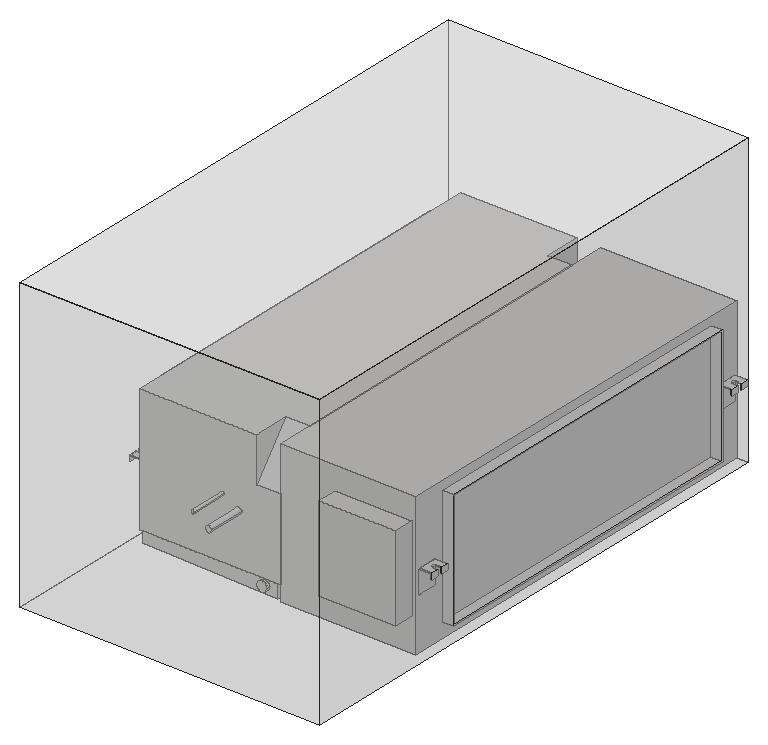
Revit family "outputfile", category 機械設備, Revit 2024
Family settings
  丸型コネクタ寸法 = 半径を使用
  パーツ タイプ = 標準
  OmniClass 番号 = 23.75.10.24.21.27.27
  OmniClass タイトル = Split System Air Conditioning Units
  作業面ベース = いいえ
  常に垂直 = はい
  ロード時にボイドで切り取り = いいえ
  注釈の向きを維持 = いいえ
  共有 = いいえ
  部屋計算ポイント = はい
Parameters (values of type "FDYQN200LCV1")
  Description = ""
  製造元 = "Daikin"
  書き出し IFC クラス(タイプ) = "IfcUnitaryEquipmentType"
  定義済み IFC タイプ(タイプ) = "AIRCONDITIONINGUNIT"
  Cost = 0
  モデル = "FDYQN200LCV1"
  Type Comments = ""
  Keynote = ""
  Type Image = (empty or 0)
  Assembly Code = ""
  switch_frequency = yes
  lw_suctionflange = 1118 mm
  r_Liquid Pipe Size = Liquid Pipe Size / 2  # 4.75 mm
  r_Gas Pipe Size = Gas Pipe Size / 2  # 9.55 mm
  r_Drain Pipe Size = Drain Pipe Size / 2  # 16.35 mm
  lw_power = 33.5 mm  # constant formula
  lw_dischargeflange = 58 mm  # constant formula
  lh_power = 285 mm  # constant formula
  lh_mountinghole1 = lh_mountinghole + [h***]  # 254 mm
  lh_dischargeflange = 110 mm  # constant formula
  ld_power = 230 mm  # constant formula
  ld_dischargeflange = 70 mm  # constant formula
  connector_voltage = Voltage_50Hz  # 230 V
  connector_powerinput = if([Power Input (Cooling)] > [Power Input (Heating)], [Power Input (Cooling)], [Power Input (Heating)])  # 6.850 kW
  connector_phase = Phase_50Hz  # 1
  Voltage_comment_50Hz = "220 - 240"
  Voltage_50Hz = 230 V
  URL = ""
  Supply Air Direction [instance] = yes
  Sound Power Level_H speed (dB) = 0
  Phase_50Hz = 1
  Minimum External Static Pressure = 0.00 Pa
  Minimum Circuit Amps_50Hz = 8.8 A
  Maximum Fuse Amps_50Hz = 15.0 A
  Maximum External Static Pressure = 150.00 Pa
  Material_Casing = DAIKIN_GalvanizedSteel_Casing_indoorunit
  ld_mountinghole = 972 mm  # constant formula
  lh_gaspipe = 248.5 mm  # constant formula
  lh_mountinghole = 254 mm  # constant formula
  lh_liquidpipe = 216 mm  # constant formula
  lh_drainpipe = 30 mm  # constant formula
  lh_antena = Height - lh_mountinghole + 1 mm  # 217 mm
  ld_drainpipe = 413.5 mm  # constant formula
  ld_liquidpipe = 275 mm  # constant formula
  ld_gaspipe = 327.5 mm  # constant formula
  lw_mountinghole = 1248 mm
  h*** = 0 mm  # constant formula
  lw_liquidpipe = 123.75 mm
  lw_gaspipe = 124.55 mm
  lw_drainpipe = 10 mm  # constant formula
  Width = 1400 mm
  Version = "ver.1.0"
  Unit Type = "DAS Duct Standard"
  Unit Mass Weight = 85.00 kg
  Unit Designation [instance] = ""
  Uniclass2015Version = "Products v1.30"
  Uniclass2015Title = "Split coil room air conditioning units"
  Uniclass2015Code = "Pr_70_65_03_86"
  Total Heating Capacity [instance] = 0.000 kW
  Total Cooling Capacity [instance] = 0.000 kW
  Sound Pressure Level_M speed (dBA) = 42.5
  Sound Pressure Level_L speed (dBA) = 39
  Sound Pressure Level_H speed (dBA) = 46
  Series = "SkyAir_Fan Coil Unit"
  Sensible Cooling Capacity [instance] = 0.000 kW
  SA Duct Size Width = 1118 mm
  SA Duct Size Height = 350 mm
  Refrigerant Type = "R410A"
  RA Duct Size Width = 1118 mm
  RA Duct Size Height = 392.5 mm
  Power Input (Heating) = 6.850 kW
  Power Input (Cooling) = 6.110 kW
  Option Accessory 3 [instance] = ""
  Option Accessory 2 [instance] = ""
  Option Accessory 1 [instance] = ""
  Nominal Heating Capacity = 22.400 kW
  Nominal Cooling Capacity = 20.000 kW
  Minimum Airflow = 0.00 m³/h
  Median Airflow = 0.00 m³/h
  Maximum Airflow = 5040.00 m³/h
  Load Classification = HVAC
  Liquid Pipe Size = 9.5 mm
  Link_Nested Family [instance] = ""
  IfcVersion = ""
  IfcExportType = "AIRCONDITIONINGUNIT"
  IfcExportAs = "IfcUnitaryEquipmentType"
  Height = 470 mm
  Heating Entering Wet Bulb Temperature [instance] = 0.00 °C
  Heating Entering Dry Bulb Temperature [instance] = 0.00 °C
  Heating Ambient Wet Bulb Temperature [instance] = 0.00 °C
  Heating Ambient Dry Bulb Temperature [instance] = 0.00 °C
  Heat Exchanger Type = "Cross Fin Coil"
  Gas Pipe Size = 19.1 mm
  Frequency_50Hz = 50 Hz
  Fan Type = "Sirocco Fan"
  Fan Drive = "Direct Drive"
  FCU Tag No. [instance] = ""
  Drain Pipe Size = 32.7 mm
  Design Supply Airflow [instance] = 0.00 m³/h
  Design Return Airflow [instance] = 0.00 m³/h
  Design External Static Pressure [instance] = 0.00 Pa
  Depth = 997 mm
  既定の高さ = 0 mm
  Cooling Entering Wet Bulb Temperature [instance] = 0.00 °C
  Cooling Entering Dry Bulb Temperature [instance] = 0.00 °C
  Cooling Ambient Wet Bulb Temperature [instance] = 0.00 °C
  Cooling Ambient Dry Bulb Temperature [instance] = 0.00 °C
  Clearance visibility [instance] = yes
  Clearance Top = 500 mm
  Clearance Right = 0 mm
  Clearance Rear = 0 mm
  Clearance Left = 0 mm
  Clearance Front = 450 mm
  Clearance Bottom = 0 mm
Reference planes
  plane 1 "Center (Front/Back)": y = 0
  plane 2 "h": z = 0
  plane 3 "Center (Left/Right)": x = 0
  plane 4 "Back": y = 666.5
  plane 5: y = -666.5
  plane 6 "Left": x = -498.5
  plane 7 "Reight": x = 498.5
  plane 8 "Top": z = 0
  plane 9 "Bottom": z = -470
  plane 10 "ld_mountinghole1": y = 624
  plane 11: y = 666.5
  plane 12: y = -1116.5
  plane 13: x = -498.5
  plane 14: x = 498.5
  plane 15: z = 500
  plane 16: z = -470
  plane 17: x = 7.75
  plane 18: z = -420
  plane 19 "ld_mountinghole2": y = -624
  plane 20: x = -486
  plane 21: x = 486
  plane 22: x = -459.25
  plane 23: x = 459.25
  plane 24 "Front": y = -733.5
  plane 25 "lh_mountinghole": z = -216
  plane 26: y = -529.5
  plane 27: z = -33
  plane 28: y = -559
  plane 29: z = -419
  plane 30: x = -184.25
  plane 31: x = -131.75
  plane 32: x = -45.75
  plane 33 "lh_liquidpipe": z = -216
  plane 34: z = -248.5
  plane 35: z = -440
  plane 36: y = -790.25
  plane 37: y = -791.05
  plane 38: y = -676.5
  plane 39: y = -700
  plane 40: x = 229.25
Forms (mm)
  Extrusion 1, solid, material "DAIKIN_GalvanizedSteel_Casing_indoorunit" <- "Material_Casing"
    sketch origin (12.25, -160, 0) x (1, 0, 0) y (0, 1, 0)
      loop
        line (-4.5, 826.5) -> (-4.5, -506.5) -> (447, -506.5) -> (447, 826.5) -> (-4.5, 826.5)
    from -470 to 0
  Extrusion 2, solid, material "DAIKIN_GalvanizedSteel_Casing_indoorunit" <- "Material_Casing"
    sketch origin (0, 0, 0) x (1, 0, 0) y (0, 1, 0)
      loop
        line (-459.25, 666.5) -> (-459.25, -666.5) -> (7.75, -666.5) -> (7.75, 666.5) -> (-459.25, 666.5)
    from -420 to 0
  Extrusion 3, void
    sketch origin (7.75, 1196.25, 1200) x (0, -1, 0) y (0, 0, 1)
      loop
        line (1862.75, -1200) -> (1742.75, -1200) -> (1862.75, -1350) -> (1862.75, -1200)
    from 0 to 80
  Extrusion 4, void
    sketch origin (7.75, -1196.25, 1200) x (0, 1, 0) y (0, 0, -1)
      loop
        line (1862.75, 1200) -> (1862.75, 1350) -> (1742.75, 1200) -> (1862.75, 1200)
    from 0 to 80
  Extrusion 5, solid, material "DAIKIN_GalvanizedSteel_Casing_indoorunit" <- "Material_Casing"
    sketch origin (0, -900, 0) x (1, 0, 0) y (0, 0, 1)
      loop
        line (190.25, -76) -> (190.25, -361) -> (444.25, -361) -> (444.25, -76) -> (190.25, -76)
    from -233.5 to -166.5
  Extrusion 6, solid, material "DAIKIN_GalvanizedSteel_Casing_indoorunit" <- "Material_Casing"
    sketch origin (0, 0, 0) x (1, 0, 0) y (0, 0, 1)
      loop
        line (-449.25, -420) -> (-449.25, -457) -> (-2.25, -467) -> (-2.25, -420) -> (-449.25, -420)
    from -666.5 to 666.5
  Extrusion 7, solid, material "DAIKIN_GalvanizedSteel_Casing_indoorunit" <- "Material_Casing"
    sketch origin (-1374.64, -666.5, 1200) x (-1, 0, 0) y (0, 0, 1)
      loop
        circle (-1190.39, -1416) r 4.75
    from 0 to -123.75
  Extrusion 8, solid, material "DAIKIN_GalvanizedSteel_Casing_indoorunit" <- "Material_Casing"
    sketch origin (-1374.64, -666.5, 1200) x (-1, 0, 0) y (0, 0, 1)
      loop
        circle (-1242.89, -1448.5) r 9.55
    from 0 to -124.55
  Extrusion 9, solid, material "DAIKIN_GalvanizedSteel_Casing_indoorunit" <- "Material_Casing"
    sketch origin (-1374.64, -666.5, 1200) x (-1, 0, 0) y (0, 0, 1)
      loop
        circle (-1328.89, -1640) r 16.35
    from 0 to -10
Cuts and joins
  Extrusion 3, Extrusion 4 cuts Extrusion 1
  Extrusion 3, Extrusion 4 cuts Extrusion 2
Dimensions and locks
  "Height": plane 8 "Top" to plane 9 "Bottom"
  equal spacing: plane 6 "Left", plane 3 "Center (Left/Right)", plane 7 "Reight"
  "Clearance Left": plane 13 to plane 6 "Left"
  "Clearance Right": plane 7 "Reight" to plane 14
  "Clearance Rear": plane 11 to plane 4 "Back"
  "Clearance Front": plane 5 to plane 12
  "Clearance Top": plane 15 to plane 8 "Top"
  "Clearance Bottom": plane 9 "Bottom" to plane 16
  equal spacing: plane 19 "ld_mountinghole2", plane 1 "Center (Front/Back)", plane 10 "ld_mountinghole1"
  "lw_mountinghole": plane 19 "ld_mountinghole2" to plane 10 "ld_mountinghole1"
  equal spacing: plane 20, plane 3 "Center (Left/Right)", plane 21
  "ld_mountinghole": plane 20 to plane 21
  "Depth": plane 6 "Left" to plane 7 "Reight"
  locked: plane 22 to plane 23 at 918.5
  equal spacing: plane 22, plane 3 "Center (Left/Right)", plane 23
  locked: plane 8 "Top" to plane 18 at 420
  "Width": plane 4 "Back" to plane 24 "Front"
  plane 4 "Back" to plane 5 = 1333 mm
  equal spacing: plane 4 "Back", plane 1 "Center (Front/Back)", plane 5
  "lh_mountinghole": plane 25 "lh_mountinghole" to plane 9 "Bottom"
  locked: plane 5 to plane 24 "Front" at 67
  locked: Extrusion 5 sketch curve to Extrusion 5 sketch curve at 254
  locked: Extrusion 5 sketch curve to Extrusion 5 sketch curve at 285
  locked: plane 8 "Top" to Extrusion 5 sketch curve at 76
  locked: plane 7 "Reight" to Extrusion 5 sketch curve at 54.25
  locked: plane 22 to plane 17 at 467
  locked: plane 26 to plane 5 at 137
  locked: plane 8 "Top" to plane 27 at 33
  locked: plane 28 to plane 5 at 107.5
  locked: plane 29 to plane 9 "Bottom" at 51
  "ld_liquidpipe": plane 22 to plane 30
  "ld_gaspipe": plane 22 to plane 31
  "ld_drainpipe": plane 22 to plane 32
  "lh_liquidpipe": plane 8 "Top" to plane 33 "lh_liquidpipe"
  "lh_gaspipe": plane 8 "Top" to plane 34
  "lh_drainpipe": plane 35 to plane 9 "Bottom"
  "lw_liquidpipe": plane 5 to plane 36
  "lw_gaspipe": plane 5 to plane 37
  "lw_drainpipe": plane 5 to plane 38
  "lw_power": plane 5 to plane 39
  "ld_power": plane 40 to plane 23
  "r_Liquid Pipe Size": radius of Extrusion 7 sketch curve
  "r_Gas Pipe Size": radius of Extrusion 8 sketch curve
  "r_Drain Pipe Size": radius of Extrusion 9 sketch curve
  aligned and locked: level to plane 2 "h"
  aligned and locked: plane 8 "Top" to Extrusion 1
  aligned and locked: Extrusion 1 to plane 9 "Bottom"
  aligned and locked: plane 10 "ld_mountinghole1" to nested 2
  aligned and locked: nested 4 to plane 12
  aligned and locked: plane 13 to nested 4
  aligned and locked: plane 14 to nested 4
  aligned and locked: nested 4 to plane 13
  aligned and locked: plane 11 to nested 4
  aligned and locked: plane 15 to nested 4
  aligned and locked: plane 16 to nested 4
  aligned and locked: Extrusion 1 to plane 17
  aligned and locked: Extrusion 2 sketch curve to plane 4 "Back"
  aligned and locked: Extrusion 2 sketch curve to plane 17
  aligned and locked: plane 5 to Extrusion 2 sketch curve
  aligned and locked: nested 1 to plane 19 "ld_mountinghole2"
  aligned and locked: plane 10 "ld_mountinghole1" to nested 7
  aligned and locked: plane 20 to nested 7
  aligned and locked: nested 6 to plane 19 "ld_mountinghole2"
  aligned and locked: plane 20 to nested 6
  aligned and locked: nested 5 to plane 21
  aligned and locked: nested 5 to plane 19 "ld_mountinghole2"
  aligned and locked: plane 10 "ld_mountinghole1" to nested 8
  aligned and locked: nested 8 to plane 21
  aligned and locked: plane 19 "ld_mountinghole2" to nested 9
  aligned and locked: nested 10 to plane 10 "ld_mountinghole1"
  aligned and locked: nested 3 to plane 3 "Center (Left/Right)"
  aligned and locked: plane 1 "Center (Front/Back)" to nested 3
  aligned and locked: level to plane 8 "Top"
  aligned and locked: Extrusion 2 to plane 22
  aligned and locked: plane 23 to Extrusion 1
  aligned and locked: plane 4 "Back" to Extrusion 1
  aligned and locked: Extrusion 1 to plane 5
  aligned and locked: Extrusion 2 to plane 18
  aligned and locked: plane 8 "Top" to Extrusion 2
  aligned and locked: nested 10 to plane 22
  aligned and locked: nested 9 to plane 22
  aligned and locked: plane 23 to nested 2
  aligned and locked: plane 23 to nested 1
  aligned and locked: plane 25 "lh_mountinghole" to nested 10
  aligned and locked: plane 25 "lh_mountinghole" to nested 9
  aligned and locked: plane 25 "lh_mountinghole" to nested 2
  aligned and locked: plane 25 "lh_mountinghole" to nested 1
  aligned and locked: plane 5 to Extrusion 5
  aligned and locked: Extrusion 5 to plane 24 "Front"
  aligned and locked: nested 11 to plane 22
  aligned and locked: plane 6 "Left" to nested 11
  aligned and locked: plane 26 to nested 11
  aligned and locked: plane 27 to nested 11
  aligned and locked: plane 23 to nested 12
  aligned and locked: nested 12 to plane 7 "Reight"
  aligned and locked: plane 28 to nested 12
  aligned and locked: nested 12 to plane 29
  aligned and locked: plane 4 "Back" to Extrusion 6
  aligned and locked: Extrusion 6 to plane 5
  aligned and locked: plane 33 "lh_liquidpipe" to Extrusion 7 sketch curve
  aligned and locked: plane 30 to Extrusion 7 sketch curve
  aligned and locked: plane 5 to Extrusion 7
  aligned and locked: Extrusion 7 to plane 36
  aligned and locked: plane 34 to Extrusion 8 sketch curve
  aligned and locked: plane 31 to Extrusion 8 sketch curve
  aligned and locked: Extrusion 8 to plane 37
  aligned and locked: plane 35 to Extrusion 9 sketch curve
  aligned and locked: plane 32 to Extrusion 9 sketch curve
  aligned and locked: plane 5 to Extrusion 8
  aligned and locked: plane 5 to Extrusion 9
  aligned and locked: Extrusion 9 to plane 38
  aligned and locked: plane 30 to nested 13
  aligned and locked: nested 13 to plane 36
  aligned and locked: nested 13 to plane 33 "lh_liquidpipe"
  aligned and locked: plane 31 to nested 14
  aligned and locked: nested 14 to plane 37
  aligned and locked: nested 14 to plane 34
  aligned and locked: plane 32 to nested 15
  aligned and locked: nested 15 to plane 38
  aligned and locked: nested 15 to plane 35
  aligned and locked: Extrusion 5 to nested 16
  aligned and locked: plane 40 to nested 16
  aligned and locked: nested 16 to plane 39
  aligned and locked: Extrusion 6 sketch curve to plane 18
Automatic sketch dimensions
  Extrusion 1 sketch curve to plane 5 = 0 mm
  Extrusion 1 sketch curve to plane 17 = 0 mm
  Extrusion 1 sketch curve to plane 23 = 0 mm
  Extrusion 1 sketch curve to plane 4 "Back" = 0 mm
  Extrusion 2 sketch curve to plane 22 = 0 mm
  Extrusion 3 sketch curve to level = 0 mm
  Extrusion 3 sketch curve to plane 5 = 0 mm
  plane 19 "ld_mountinghole2" to Extrusion 3 sketch curve = 77.5 mm
  plane 25 "lh_mountinghole" to Extrusion 3 sketch curve = 66 mm
  Extrusion 4 sketch curve to level = 0 mm
  Extrusion 4 sketch curve to plane 4 "Back" = 0 mm
  plane 10 "ld_mountinghole1" to Extrusion 4 sketch curve = 77.5 mm
  plane 25 "lh_mountinghole" to Extrusion 4 sketch curve = 66 mm
  plane 22 to Extrusion 6 sketch curve = 10 mm
  Extrusion 6 sketch curve to plane 3 "Center (Left/Right)" = 2.25 mm
  plane 9 "Bottom" to Extrusion 6 sketch curve = 3 mm
  plane 9 "Bottom" to Extrusion 6 sketch curve = 13 mm
Nested families
  nested 1: "daikin_hangerfixture_FDYQN-LCV1" at (459.25, -624, -216), type "daikin_hangerfixture_FDYQN-LCV1"
  nested 2: "daikin_hangerfixture_FDYQN-LCV1" at (459.25, 624, -216), type "daikin_hangerfixture_FDYQN-LCV1"
  nested 3: "daikin_△_symbolicline" at (0, 0, 470) x (0, -1, 0) z (0, 0, 1), built-in parameter 1001364 <- "Height", visible <- "Supply Air Direction", type "daikin_△_symbolicline"
    with length 300 mm
  nested 4: "daikin_clearancespace" at (0, -225, 15.119), visible <- "Clearance visibility", show <- "Clearance visibility", Link_Nested Family <- "Link_Nested Family", type "daikin_clearancespace"
    with width 997 mm, show yes, height 970 mm, depth 1783 mm, Link_Nested Family ""
  nested 5: "daikin_mountinghole" at (486, -624, -470), l_antenna <- "lh_antena", Link_Nested Family <- "Link_Nested Family", h_mountinghole <- "lh_mountinghole1", type "daikin_mountinghole"
    with show yes, l_antenna 217 mm, h_mountinghole 254 mm, Link_Nested Family ""
  nested 6: "daikin_mountinghole" at (-486, -624, -470), l_antenna <- "lh_antena", Link_Nested Family <- "Link_Nested Family", h_mountinghole <- "lh_mountinghole1", type "daikin_mountinghole"
    with show yes, l_antenna 217 mm, h_mountinghole 254 mm, Link_Nested Family ""
  nested 7: "daikin_mountinghole" at (-486, 624, -470), h_mountinghole <- "lh_mountinghole1", l_antenna <- "lh_antena", Link_Nested Family <- "Link_Nested Family", type "daikin_mountinghole"
    with show yes, l_antenna 217 mm, h_mountinghole 254 mm, Link_Nested Family ""
  nested 8: "daikin_mountinghole" at (486, 624, -470), l_antenna <- "lh_antena", Link_Nested Family <- "Link_Nested Family", h_mountinghole <- "lh_mountinghole1", type "daikin_mountinghole"
    with show yes, l_antenna 217 mm, h_mountinghole 254 mm, Link_Nested Family ""
  nested 9: "daikin_hangerfixture_FDYQN-LCV1_2" at (-459.25, -624, -216) x (-1, 0, 0) z (0, 0, 1), type "daikin_hangerfixture_FDYQN-LCV1_2"
  nested 10: "daikin_hangerfixture_FDYQN-LCV1_2" at (-459.25, 624, -216) x (-1, 0, 0) z (0, 0, 1), type "daikin_hangerfixture_FDYQN-LCV1_2"
  nested 11: "daikin_ductflange_FDYQN-LCV1" at (-498.5, 29.5, -383) x (0, 1, 0) z (0, 0, 1), width <- "lw_suctionflange", material <- "Material_Casing", type "daikin_ductflange_FDYQN-LCV1"
    with width 1118 mm, material DAIKIN_GalvanizedSteel_Casing_indoorunit, height 350 mm, depth 39.25 mm
  nested 12: "daikin_ductflange_FDYQN-LCV1" at (459.25, 0, -419) x (0, 1, 0) z (0, 0, 1), width <- "lw_suctionflange", material <- "Material_Casing", type "daikin_ductflange_FDYQN-LCV1"
    with width 1118 mm, material DAIKIN_GalvanizedSteel_Casing_indoorunit, height 392.5 mm, depth 39.25 mm
  nested 13: "daikin_connector_rotate2" at (-184.25, -666.5, -216), length <- "lw_liquidpipe", radius <- "r_Liquid Pipe Size", type "daikin_connector_rotate2"
    with radius 4.75 mm, length 123.75 mm, angle_vertical 90.00°, show_face no
  nested 14: "daikin_connector_rotate2" at (-131.75, -666.5, -248.5), length <- "lw_gaspipe", radius <- "r_Gas Pipe Size", type "daikin_connector_rotate2"
    with radius 9.55 mm, length 124.55 mm, angle_vertical 90.00°, show_face no
  nested 15: "daikin_connector_rotate2" at (-45.75, -666.5, -440), length <- "lw_drainpipe", radius <- "r_Drain Pipe Size", type "daikin_connector_rotate2"
    with radius 16.35 mm, length 10 mm, angle_vertical 90.00°, show_face no
  nested 16: "daikin_connector_rotate2" at (229.25, -700, -76) x (1, 0, 0) z (0, -1, 0), length <- "lh_power", type "daikin_connector_rotate2"
    with radius 10 mm, length 285 mm, angle_vertical 90.00°, show_face no
Connectors
  hvac at (-498.5, 29.5, -208), driven by "SA Duct Size Height", driven by "SA Duct Size Width"
    settings: on nested 11, index 1, duct flow 0.00 m³/h, flow factor 0, pres drop 0.00 Pa, loss coef 0, conn angle 0.00°, conn width 1118.0 mm, conn height 350.0 mm, conn diameter 609.6 mm, duct sys type 1, conn prof type 1, flow config 0, flow direction 2, loss method 4, conn ref index -1, conn util no, is conn primary yes, conn desc "SA Duct"
  hvac at (498.5, 0, -222.75), driven by "RA Duct Size Height", driven by "RA Duct Size Width"
    settings: on nested 12, index 2, duct flow 0.00 m³/h, flow factor 0, pres drop 0.00 Pa, loss coef 0, conn angle 0.00°, conn width 1118.0 mm, conn height 392.5 mm, conn diameter 609.6 mm, duct sys type 2, conn prof type 1, flow config 0, flow direction 1, loss method 4, conn ref index -1, conn util no, is conn primary no, conn desc "RA Duct"
  piping at (-184.25, -790.25, -216), diameter 9.5, driven by "r_Liquid Pipe Size"
    settings: on nested 13, index 3, connector inside diameter 609.6 mm, connector length 0 mm, flow factor 0, pipe flow 0.00 m³/h, pressure drop 0.0 Pa, fitting loss kfactor 0, connector angle 0.00°, fixture units 0, engagement length 0 mm, angle of deflection 0.00°, flow configuration 1, flow direction 1, fitting loss method 0, system type 29, joint type 0, gender type 0, connector reference index -1, connector utility 0, adjustable connector no, is connector primary yes, connector description "Refrigerant Liquid Piping"
  piping at (-131.75, -791.05, -248.5), diameter 19.1, driven by "r_Gas Pipe Size"
    settings: on nested 14, index 4, connector inside diameter 609.6 mm, connector length 0 mm, flow factor 0, pipe flow 0.00 m³/h, pressure drop 0.0 Pa, fitting loss kfactor 0, connector angle 0.00°, fixture units 0, engagement length 0 mm, angle of deflection 0.00°, flow configuration 1, flow direction 2, fitting loss method 0, system type 29, joint type 0, gender type 0, connector reference index -1, connector utility 0, adjustable connector no, is connector primary no, connector description "Refrigerant Gas Piping"
  piping at (-45.75, -676.5, -440), diameter 32.7, driven by "r_Drain Pipe Size"
    settings: on nested 15, index 5, connector inside diameter 609.6 mm, connector length 0 mm, flow factor 0, pipe flow 0.00 m³/h, pressure drop 0.0 Pa, fitting loss kfactor 0, connector angle 0.00°, fixture units 0, engagement length 0 mm, angle of deflection 0.00°, flow configuration 1, flow direction 2, fitting loss method 4, system type 16, joint type 0, gender type 0, connector reference index -1, connector utility 0, adjustable connector no, is connector primary no, connector description "Condensate Drain Piping"
  electrical at (229.25, -700, -361), driven by "Load Classification", driven by "connector_voltage", driven by "connector_phase", driven by "connector_powerinput"
    settings: on nested 16, index 6, voltage 230 V, apparent load 6850 VA, apparent load phase1 0 VA, apparent load phase2 0 VA, apparent load phase3 0 VA, power factor 1, load classification "HVAC", number of poles 1, system type 30, power factor state 1, is connector primary yes, connector utility no, sub classification motor no, connector description "Power Supply"
Definition of nested family "daikin_hangerfixture_FDYQN-LCV1"
  Parameters (values of type "daikin_hangerfixture_FXDSQ-AVM")
    width = 44 mm
    material = none
    height = 80 mm
    depth = 65 mm
    Default Elevation = 0 mm
  Reference planes
    plane 1 "Center (Front/Back)": y = 0
    plane 2: z = 0
    plane 3 "Center (Left/Right)": x = 0
    plane 4: y = 417.146
    plane 5: z = -2
    plane 6: z = -65
    plane 7: z = -12
    plane 8: x = 44
    plane 9: y = 32.5
    plane 10: y = -32.5
    plane 11: y = -36
    plane 12: y = 36
    plane 13: z = -80
    plane 14: x = 1.5
    plane 15: x = 14
    plane 16: x = 26
    plane 17: x = 42
  Forms (mm)
    Extrusion 1, solid, material <- "material"
      sketch origin (0, 0, 0) x (1, 0, 0) y (0, 1, 0)
        loop
          line (0, 32.5) -> (0, -32.5) -> (44, -32.5) -> (44, -7.5) -> (26.75, -7.5)
          arc (26.75, -7.5) -> (19.25, 0) -> (26.75, 7.5) r 7.5
          line (26.75, 7.5) -> (44, 7.5) -> (44, 32.5) -> (0, 32.5)
      from -2 to 0
    Extrusion 2, solid, material <- "material"
      sketch origin (0, 0, 0) x (0, 1, 0) y (0, 0, 1)
        loop
          line (32.5, -75.411) -> (32.5, 0) -> (-32.5, 0) -> (-32.5, -75.411)
          arc (-32.5, -75.411) -> (-31.156, -78.656) -> (-27.911, -80) r 4.589
          line (-27.911, -80) -> (27.911, -80)
          arc (27.911, -80) -> (31.156, -78.656) -> (32.5, -75.411) r 4.589
      from 0 to 1.5
    Extrusion 3, solid, material <- "material"
      sketch origin (0, 0, 0) x (0, 1, 0) y (0, 0, 1)
        loop
          line (-7.5, -17.007) -> (-7.5, 0) -> (-32.5, 0) -> (-32.5, -17.007)
          arc (-32.5, -17.007) -> (-31.623, -19.123) -> (-29.507, -20) r 2.993
          line (-29.507, -20) -> (-10.493, -20)
          arc (-10.493, -20) -> (-8.377, -19.123) -> (-7.5, -17.007) r 2.993
        loop
          arc (7.5, -17.007) -> (8.377, -19.123) -> (10.493, -20) r 2.993
          line (10.493, -20) -> (29.507, -20)
          arc (29.507, -20) -> (31.623, -19.123) -> (32.5, -17.007) r 2.993
          line (32.5, -17.007) -> (32.5, 0) -> (7.5, 0) -> (7.5, -17.007)
      from 44 to 42
  Cuts and joins
    joined: Extrusion 1, Extrusion 2, Extrusion 3
  Dimensions and locks
    "width": plane 3 "Center (Left/Right)" to plane 8
    "depth": plane 10 to plane 9
    equal spacing: plane 10, plane 1 "Center (Front/Back)", plane 9
    locked: plane 11 to plane 10 at 3.5
    locked: plane 9 to plane 12 at 3.5
    "height": level to plane 13
    locked: plane 14 to plane 3 "Center (Left/Right)" at 1.5
    plane 3 "Center (Left/Right)" to plane 15 = 14 mm
    locked: plane 15 to plane 16 at 12
    plane 3 "Center (Left/Right)" to Extrusion 1 = 44 mm
    locked: plane 2 to plane 5 at 2
    locked: plane 8 to plane 17 at 2
    aligned and locked: level to plane 2
    aligned and locked: level to Extrusion 1
    aligned and locked: Extrusion 1 to plane 5
    aligned and locked: Extrusion 1 sketch curve to plane 3 "Center (Left/Right)"
    aligned and locked: Extrusion 1 sketch curve to plane 8  (x2)
    aligned and locked: level to Extrusion 2 sketch curve
    aligned and locked: plane 14 to Extrusion 2
    aligned and locked: Extrusion 3 sketch curve to level
    aligned and locked: level to Extrusion 3 sketch curve
    aligned and locked: plane 9 to Extrusion 1 sketch curve
    aligned and locked: Extrusion 1 sketch curve to plane 10
    aligned and locked: plane 13 to Extrusion 2 sketch curve
    aligned and locked: plane 8 to cut or joined group of Extrusion 1, Extrusion 2, Extrusion 3
    aligned and locked: cut or joined group of Extrusion 1, Extrusion 2, Extrusion 3 to plane 17
  Automatic sketch dimensions
    plane 9 to Extrusion 2 sketch curve = 4.589 mm
    Extrusion 2 sketch curve to plane 10 = 4.589 mm
    Extrusion 2 sketch curve to Extrusion 2 sketch curve = 4.589 mm
    Extrusion 2 sketch curve to plane 9 = 0 mm
    plane 10 to Extrusion 3 sketch curve = 0 mm
    Extrusion 3 sketch curve to plane 7 = 8 mm  (x2)
    Extrusion 3 sketch curve to plane 10 = 2.993 mm
    Extrusion 3 sketch curve to plane 7 = 5.007 mm  (x2)
    plane 1 "Center (Front/Back)" to Extrusion 3 sketch curve = 10.493 mm
    Extrusion 3 sketch curve to plane 1 "Center (Front/Back)" = 7.5 mm
    plane 9 to Extrusion 3 sketch curve = 2.993 mm
    Extrusion 3 sketch curve to plane 9 = 0 mm
    plane 1 "Center (Front/Back)" to Extrusion 1 sketch curve = 0 mm
    plane 16 to Extrusion 1 sketch curve = 0.75 mm
    Extrusion 1 sketch curve to plane 1 "Center (Front/Back)" = 7.5 mm
Definition of nested family "daikin_clearancespace"
  Parameters (values of type "daikin_clearancespace")
    Description = "daikin_clearancespace"
    width [instance] = 1823.963 mm
    show [instance] = yes
    material = none
    height [instance] = 1359.762 mm
    depth [instance] = 880 mm
    Default Elevation = 0 mm
    Link_Nested Family [instance] = ""
  Reference planes
    plane 1 "Center (Front/Back)": y = 0
    plane 2 "Center (Elevation)": z = -0.119
    plane 3 "Center (Left/Right)": x = 0
    plane 4: y = 440
    plane 5: y = -440
    plane 6 "Right": x = 911.982
    plane 7 "Left": x = -911.982
    plane 8 "Top": z = 679.762
    plane 9 "Bottom": z = -680
  Forms (mm)
    Extrusion 1, solid, material <- "material", visible <- "show"
      sketch origin (0, 0, 0) x (1, 0, 0) y (0, 1, 0)
        loop
          line (-911.982, 440) -> (-911.982, -440) -> (911.982, -440) -> (911.982, 440) -> (-911.982, 440)
      from -680 to 679.762
  Lines and regions (mm)
    symbolic lines, visible <- "show"
      curve 1: line (911.982, 440, 0) -> (-911.982, 440, 0)
      curve 2: line (-911.982, 440, 0) -> (-911.982, -440, 0)
      curve 3: line (-911.982, -440, 0) -> (911.982, -440, 0)
      curve 4: line (911.982, -440, 0) -> (911.982, 440, 0)
      curve 5: line (911.982, 0, 679.762) -> (-911.982, 0, 679.762)
      curve 6: line (911.982, 0, -680) -> (911.982, 0, 679.762)
      curve 7: line (-911.982, 0, -680) -> (911.982, 0, -680)
      curve 8: line (-911.982, 0, 679.762) -> (-911.982, 0, -680)
      curve 9: line (0, 440, 679.762) -> (0, -440, 679.762)
      curve 10: line (0, -440, 679.762) -> (0, -440, -680)
      curve 11: line (0, 440, -680) -> (0, 440, 679.762)
      curve 12: line (0, -440, -680) -> (0, 440, -680)
  Dimensions and locks
    "width": plane 7 "Left" to plane 6 "Right"
    "depth": plane 4 to plane 5
    "height": plane 8 "Top" to plane 9 "Bottom"
    equal spacing: plane 7 "Left", plane 3 "Center (Left/Right)", plane 6 "Right"
    equal spacing: plane 4, plane 1 "Center (Front/Back)", plane 5
    equal spacing: plane 8 "Top", plane 2 "Center (Elevation)", plane 9 "Bottom"
    aligned and locked: level to plane 2 "Center (Elevation)"
    aligned and locked: Extrusion 1 sketch curve to plane 4
    aligned and locked: plane 7 "Left" to Extrusion 1 sketch curve
    aligned and locked: Extrusion 1 sketch curve to plane 5
    aligned and locked: Extrusion 1 sketch curve to plane 6 "Right"
    aligned and locked: plane 8 "Top" to Extrusion 1
    aligned and locked: curve 1 to Extrusion 1
    aligned and locked: curve 2 to Extrusion 1
    aligned and locked: curve 3 to Extrusion 1
    aligned and locked: curve 4 to Extrusion 1
    aligned and locked: curve 5 to Extrusion 1
    aligned and locked: curve 6 to Extrusion 1
    aligned and locked: curve 7 to Extrusion 1
    aligned and locked: curve 8 to Extrusion 1
    aligned and locked: curve 9 to Extrusion 1
    aligned and locked: curve 10 to Extrusion 1
    aligned and locked: curve 11 to Extrusion 1
    aligned and locked: curve 12 to Extrusion 1
    aligned and locked: Extrusion 1 to plane 9 "Bottom"
Definition of nested family "daikin_hangerfixture_FDYQN-LCV1_2"
  Parameters (values of type "daikin_hangerfixture_FXMQ-PV1A2")
    width = 44 mm
    material = none
    height = 204 mm
    depth = 65 mm
    Default Elevation = 0 mm
  Reference planes
    plane 1 "Center (Front/Back)": y = 0
    plane 2: z = 0
    plane 3 "Center (Left/Right)": x = 0
    plane 4: y = 417.146
    plane 5: z = -2
    plane 6: z = -65
    plane 7: z = -12
    plane 8: x = 44
    plane 9: y = 32.5
    plane 10: y = -32.5
    plane 11: y = -36
    plane 12: y = 36
    plane 13: z = -204
    plane 14: x = 1.5
    plane 15: x = 14
    plane 16: x = 26
    plane 17: x = 42
  Forms (mm)
    Extrusion 1, solid, material <- "material"
      sketch origin (0, 0, 0) x (1, 0, 0) y (0, 1, 0)
        loop
          line (0, 32.5) -> (0, -32.5) -> (44, -32.5) -> (44, -7.5) -> (26.75, -7.5)
          arc (26.75, -7.5) -> (19.25, 0) -> (26.75, 7.5) r 7.5
          line (26.75, 7.5) -> (44, 7.5) -> (44, 32.5) -> (0, 32.5)
      from -2 to 0
    Extrusion 2, solid, material <- "material"
      sketch origin (0, 0, 0) x (0, 1, 0) y (0, 0, 1)
        loop
          line (32.5, -199.411) -> (32.5, 0) -> (-32.5, 0) -> (-32.5, -199.411)
          arc (-32.5, -199.411) -> (-31.156, -202.656) -> (-27.911, -204) r 4.589
          line (-27.911, -204) -> (27.911, -204)
          arc (27.911, -204) -> (31.156, -202.656) -> (32.5, -199.411) r 4.589
      from 0 to 1.5
    Extrusion 3, solid, material <- "material"
      sketch origin (0, 0, 0) x (0, 1, 0) y (0, 0, 1)
        loop
          line (-7.5, -17.007) -> (-7.5, 0) -> (-32.5, 0) -> (-32.5, -17.007)
          arc (-32.5, -17.007) -> (-31.623, -19.123) -> (-29.507, -20) r 2.993
          line (-29.507, -20) -> (-10.493, -20)
          arc (-10.493, -20) -> (-8.377, -19.123) -> (-7.5, -17.007) r 2.993
        loop
          arc (7.5, -17.007) -> (8.377, -19.123) -> (10.493, -20) r 2.993
          line (10.493, -20) -> (29.507, -20)
          arc (29.507, -20) -> (31.623, -19.123) -> (32.5, -17.007) r 2.993
          line (32.5, -17.007) -> (32.5, 0) -> (7.5, 0) -> (7.5, -17.007)
      from 44 to 42
  Cuts and joins
    joined: Extrusion 1, Extrusion 2, Extrusion 3
  Dimensions and locks
    "width": plane 3 "Center (Left/Right)" to plane 8
    "depth": plane 10 to plane 9
    equal spacing: plane 10, plane 1 "Center (Front/Back)", plane 9
    locked: plane 11 to plane 10 at 3.5
    locked: plane 9 to plane 12 at 3.5
    "height": level to plane 13
    locked: plane 14 to plane 3 "Center (Left/Right)" at 1.5
    plane 3 "Center (Left/Right)" to plane 15 = 14 mm
    locked: plane 15 to plane 16 at 12
    locked: plane 2 to plane 5 at 2
    locked: plane 8 to plane 17 at 2
    aligned and locked: level to plane 2
    aligned and locked: level to Extrusion 1
    aligned and locked: Extrusion 1 to plane 5
    aligned and locked: Extrusion 1 sketch curve to plane 3 "Center (Left/Right)"
    aligned and locked: Extrusion 1 sketch curve to plane 8  (x2)
    aligned and locked: level to Extrusion 2 sketch curve
    aligned and locked: plane 14 to Extrusion 2
    aligned and locked: Extrusion 3 sketch curve to level
    aligned and locked: level to Extrusion 3 sketch curve
    aligned and locked: plane 9 to Extrusion 1 sketch curve
    aligned and locked: Extrusion 1 sketch curve to plane 10
    aligned and locked: plane 13 to Extrusion 2 sketch curve
    aligned and locked: plane 8 to cut or joined group of Extrusion 1, Extrusion 2, Extrusion 3
    aligned and locked: cut or joined group of Extrusion 1, Extrusion 2, Extrusion 3 to plane 17
  Automatic sketch dimensions
    plane 9 to Extrusion 2 sketch curve = 4.589 mm
    Extrusion 2 sketch curve to plane 10 = 4.589 mm
    Extrusion 2 sketch curve to Extrusion 2 sketch curve = 4.589 mm
    Extrusion 2 sketch curve to plane 9 = 0 mm
    plane 10 to Extrusion 3 sketch curve = 0 mm
    Extrusion 3 sketch curve to plane 7 = 8 mm  (x2)
    Extrusion 3 sketch curve to plane 10 = 2.993 mm
    Extrusion 3 sketch curve to plane 7 = 5.007 mm  (x2)
    plane 1 "Center (Front/Back)" to Extrusion 3 sketch curve = 10.493 mm
    Extrusion 3 sketch curve to plane 1 "Center (Front/Back)" = 7.5 mm
    plane 9 to Extrusion 3 sketch curve = 2.993 mm
    Extrusion 3 sketch curve to plane 9 = 0 mm
    plane 1 "Center (Front/Back)" to Extrusion 1 sketch curve = 0 mm
    plane 16 to Extrusion 1 sketch curve = 0.75 mm
    Extrusion 1 sketch curve to plane 1 "Center (Front/Back)" = 7.5 mm
Definition of nested family "daikin_ductflange_FDYQN-LCV1"
  Parameters (values of type "daikin_ductflange_FDYQN-LCV1")
    width [instance] = 918 mm
    material [instance] = none
    height [instance] = 350 mm
    depth [instance] = 39.25 mm
    Default Elevation = 0 mm
  Reference planes
    plane 1 "Center (Front/Back)": y = 0
    plane 2: z = 0
    plane 3 "Center (Left/Right)": x = 0
    plane 4: y = -39.25
    plane 5: x = -459
    plane 6: x = 459
    plane 7 "Top": z = 350
    plane 8 "Center (Elevation)": z = 175
  Forms (mm)
    Extrusion 1, solid, material <- "material"
      sketch origin (0, 0, 0) x (1, 0, 0) y (0, 0, 1)
        loop
          line (-459, 350) -> (-459, 0) -> (459, 0) -> (459, 350) -> (-459, 350)
        loop
          line (-457, 348) -> (-457, 2) -> (457, 2) -> (457, 348) -> (-457, 348)
      from 0 to 39.25
  Dimensions and locks
    "height": plane 7 "Top" to plane 2
    "width": plane 5 to plane 6
    equal spacing: plane 5, plane 3 "Center (Left/Right)", plane 6
    "depth": plane 1 "Center (Front/Back)" to plane 4
    equal spacing: plane 7 "Top", plane 8 "Center (Elevation)", plane 2
    locked: plane 7 "Top" to Extrusion 1 sketch curve at 2
    locked: Extrusion 1 sketch curve to level at 2
    locked: Extrusion 1 sketch curve to plane 5 at 2
    locked: plane 6 to Extrusion 1 sketch curve at 2
    aligned and locked: level to plane 2
    aligned and locked: Extrusion 1 sketch curve to plane 7 "Top"
    aligned and locked: plane 5 to Extrusion 1 sketch curve
    aligned and locked: Extrusion 1 sketch curve to plane 6
    aligned and locked: plane 2 to Extrusion 1 sketch curve
    aligned and locked: Extrusion 1 to plane 4
Definition of nested family "daikin_△_symbolicline"
  Parameters (values of type "daikin_△_symbolicline")
    length [instance] = 200 mm
    Default Elevation = 0 mm
  Reference planes
    plane 1 "Center (Front/Back)": y = 0
    plane 2: z = 0
    plane 3 "Center (Left/Right)": x = 0
  Lines and regions (mm)
    symbolic lines
      curve 1: line (0, -173.205, 0) -> (100, 0, 0)
      curve 2: line (100, 0, 0) -> (-100, 0, 0)
      curve 3: line (-100, 0, 0) -> (0, -173.205, 0)
  Dimensions and locks
    equal spacing: curve 3, plane 3 "Center (Left/Right)", curve 2
    "length": curve 3 to curve 2
    "length": curve 3 to curve 3
    "length": curve 1 to curve 1
    aligned and locked: level to plane 2
    aligned and locked: curve 2 to plane 1 "Center (Front/Back)"
    aligned and locked: plane 3 "Center (Left/Right)" to curve 3
Definition of nested family "daikin_mountinghole"
  Parameters (values of type "daikin_mountinghole")
    Default Elevation = 1219.2 mm
    Type Comments = "mountinghole"
    show [instance] = yes
    material = none
    l_centerline = 100 mm
    l_antenna [instance] = 100 mm
    h_mountinghole [instance] = 0 mm
    d_circle = 30 mm
    Link_Nested Family [instance] = ""
  Reference planes
    plane 1 "Center (Front/Back)": y = 0
    plane 2: z = 0
    plane 3 "Center (Left/Right)": x = 0
    plane 4: y = 50
    plane 5: x = -50
    plane 6: x = 50
    plane 7: y = -50
    plane 8 "h_mountinghole": z = 0
    plane 9: z = 100
  Lines and regions (mm)
    model lines, detail levels fine
      curve 1: circle (0, 0, 0) r 15 normal (0, 0, 1)
      curve 2: line (-50, 0, 0) -> (50, 0, 0)
      curve 3: line (0, 50, 0) -> (0, -50, 0)
    symbolic lines, detail levels fine
      curve 4: circle (0, 0, 0) r 15 normal (0, 0, 1)
      curve 5: line (-50, 0, 0) -> (50, 0, 0)
      curve 6: line (0, 50, 0) -> (0, -50, 0)
    model lines
      curve 7: line (0, 0, 100) -> (0, 0, 0)
  Dimensions and locks
    equal spacing: plane 4, plane 1 "Center (Front/Back)", plane 7
    "l_centerline": plane 4 to plane 7
    equal spacing: plane 5, plane 3 "Center (Left/Right)", plane 6
    "l_centerline": plane 5 to plane 6
    "l_antenna": plane 9 to plane 8 "h_mountinghole"
    "h_mountinghole": plane 8 "h_mountinghole" to plane 2
    "d_circle": diameter of curve 1
    "d_circle": diameter of curve 4
    aligned and locked: level to plane 2
    aligned and locked: plane 1 "Center (Front/Back)" to curve 1
    aligned and locked: plane 3 "Center (Left/Right)" to curve 1
    aligned and locked: plane 1 "Center (Front/Back)" to curve 2
    aligned and locked: curve 3 to plane 3 "Center (Left/Right)"
    aligned and locked: plane 6 to curve 2
    aligned and locked: plane 5 to curve 2
    aligned and locked: plane 4 to curve 3
    aligned and locked: plane 7 to curve 3
    aligned and locked: plane 1 "Center (Front/Back)" to curve 4
    aligned and locked: plane 3 "Center (Left/Right)" to curve 4
    aligned and locked: plane 6 to curve 5
    aligned and locked: plane 5 to curve 5
    aligned and locked: plane 1 "Center (Front/Back)" to curve 5
    aligned and locked: plane 4 to curve 6
    aligned and locked: plane 7 to curve 6
    aligned and locked: curve 6 to plane 3 "Center (Left/Right)"
    aligned and locked: curve 7 to plane 3 "Center (Left/Right)"
    aligned and locked: plane 9 to curve 7
    aligned and locked: plane 8 "h_mountinghole" to curve 7
Definition of nested family "daikin_connector_rotate2"
  Parameters (values of type "daikin_connector_rotate2")
    show_face = yes
    radius [instance] = 10 mm
    length [instance] = 600 mm
    d_surface = 10 mm
    angle_vertical [instance] = 90.00°
    Default Elevation = 0 mm
  Reference planes
    plane 1 "Center (Front/Back)": y = 0
    plane 2: z = 0
    plane 3 "Center (Left/Right)": x = 0
  Forms (mm)
    Extrusion 1, solid, visible <- "show_face"
      sketch origin (0, -600, 0) x (1, 0, 0) y (0, 0, 1)
        loop
          circle (0, 0) r 10
      from 0 to -10
  Lines and regions (mm)
    reference lines
      curve 1: line (0, 0, 0) -> (0, -600, 0)
    symbolic lines
      curve 2: circle (0, 0, 0) r 5 normal (0, 0, 1)
    model lines, visible <- "show_face"
      curve 3: line (0, 0, 0) -> (0, -600, 0)
  Dimensions and locks
    "length": curve 1 to curve 1
    "length": curve 3 to curve 3
    "d_surface": Extrusion 1 to Extrusion 1
    "radius": radius of Extrusion 1 sketch curve
    "angle_vertical": angle curve 1 to plane 1 "Center (Front/Back)"
    "angle_vertical": angle curve 3 to plane 1 "Center (Front/Back)"
    aligned and locked: level to plane 2
    aligned and locked: plane 1 "Center (Front/Back)" to curve 1
    aligned and locked: plane 2 to curve 1
    aligned and locked: plane 1 "Center (Front/Back)" to curve 2
    aligned and locked: plane 3 "Center (Left/Right)" to curve 2
    aligned and locked: plane 1 "Center (Front/Back)" to curve 3
    aligned and locked: plane 2 to curve 3
    aligned and locked: Extrusion 1 to Extrusion 1
  Automatic sketch dimensions
    Extrusion 1 sketch curve to level = 0 mm
    Extrusion 1 sketch curve to plane 3 "Center (Left/Right)" = 0 mm
    radius of curve 2 = 5 mm
